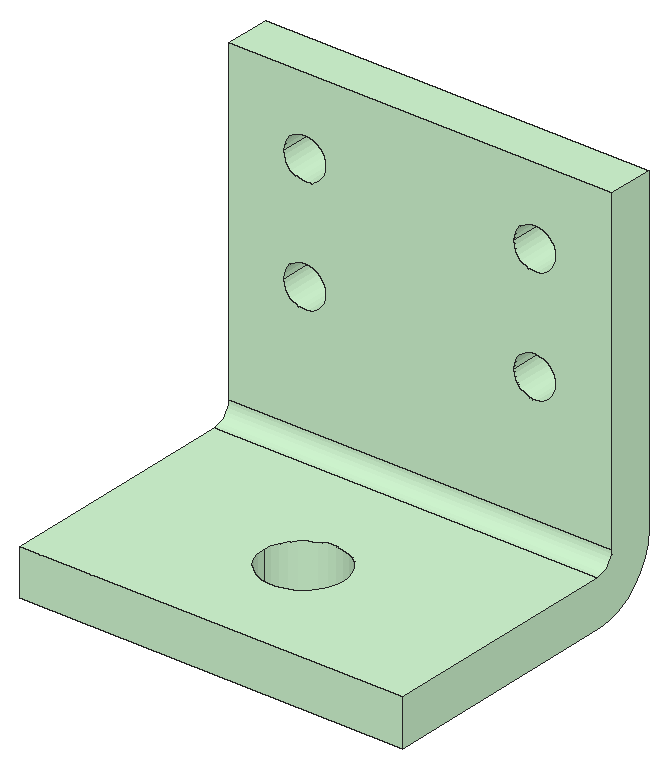
Revit family "l6x50x40x50l", category 機械設備, Revit 2022
Family settings
  丸型コネクタ寸法 = 直径を使用
  種別 = なし
  パーツ タイプ = 標準
  作業面ベース = いいえ
  常に垂直 = はい
  ロード時にボイドで切り取り = いいえ
  注釈の向きを維持 = いいえ
  共有 = いいえ
  部屋計算ポイント = いいえ
Parameters
  製造元 = "株式会社桐井製作所"
  既定の高さ = 0 mm
  URL = "https://www.kirii.co.jp/"
  K_品名 = "L-t6.0×(50×40)×50L"
  K_名称 = "アングルピース"
  K_バージョン情報 = "20211012"
Reference planes
  plane 1 "中心(正面/背面)": y = 0
  plane 2: z = 0
  plane 3 "中心(左/右)": x = 0
Forms (mm)
  Extrusion 1, solid
    sketch origin (0, 0, 0) x (0, 1, 0) y (0, 0, 1)
      loop
        line (-6, 50) -> (-6, 8.3)
        arc (-6, 8.3) -> (-6.674, 6.674) -> (-8.3, 6) r 2.3
        line (-8.3, 6) -> (-40, 6) -> (-40, 0) -> (-8, 0)
        arc (-8, 0) -> (-2.343, 2.343) -> (0, 8) r 8
        line (0, 8) -> (0, 50) -> (-6, 50)
    from -25 to 25
  Extrusion 2, void
    sketch origin (0, 0, 0) x (1, 0, 0) y (0, 1, 0)
      loop
        circle (0, -25) r 5.25
    from 0 to 6
  Extrusion 3, void
    sketch origin (0, 0, 0) x (1, 0, 0) y (0, 0, 1)
      loop
        circle (-15, 40) r 2.75
      loop
        circle (15, 40) r 2.75
      loop
        circle (-15, 25) r 2.75
      loop
        circle (15, 25) r 2.75
    from 0 to 6
Cuts and joins
  Extrusion 2, Extrusion 3 cuts Extrusion 1
Dimensions and locks
  aligned and locked: level to plane 2
